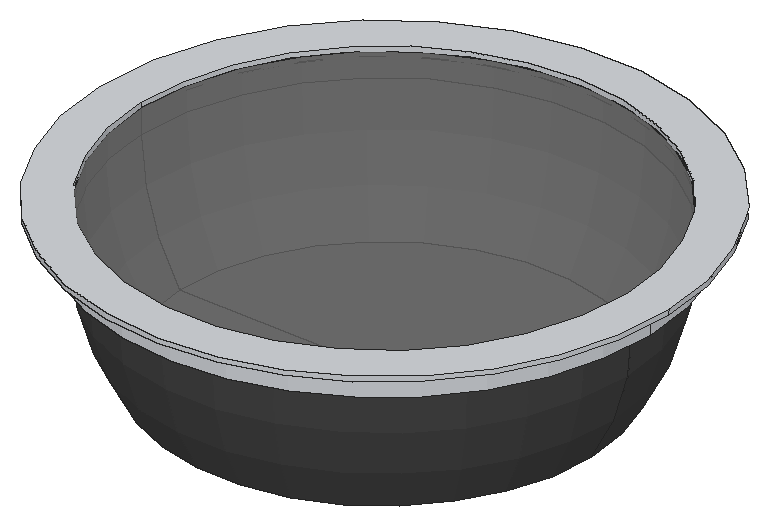
Revit family "3031826 Lighting Fixture_Sylvania_Syl-Lighter II_Ceiling Recessed", category Lighting Fixtures, host Face, Revit 2017
Family settings
  Host = Face
  Round Connector Dimension = Use Diameter
  Part Type = Normal
  OmniClass Number = 23.80.70.11.17
  OmniClass Title = Specialized Lighting by Location or Use
  Cut with Voids When Loaded = No
  Light Source = Yes
  Shared = No
  Room Calculation Point = No
Parameters (values of type "Syl-Lighter LED II 240 RO 25W WW 1-10V")
  Weight = 0.60 kg
  Wattage = 21.8668 W
  built-in parameter 1150110 = 1 (stored number, unit not read)
  Voltage Comments = "UNV (Universal Voltage; 220-240 Volt)"  # constant formula
  Voltage = 240 V  # constant formula
  URL = "http://www.sylvania-lighting.com"
  built-in parameter 1114217 = 1 (stored number, unit not read)
  Tilt Angle = -90.00°  # constant formula
  built-in parameter 1150109 = 1 (stored number, unit not read)
  built-in parameter 1150134 = (empty or 0)
  Ta Rating = "-10°C to +40°C"  # constant formula
  built-in parameter 1150113 = 1 (stored number, unit not read)
  Recessed Depth = Height  # 65.0 mm
  IP Rating = "IP44"  # constant formula
  IK Rating = "IK07"  # constant formula
  Energy Class = "A++, A+, A"  # constant formula
  Dimmable = "DALI"  # constant formula
  Catalog Number = "3031826 Syl-Lighter LED II 240 RO 25W WW 1-10V"
  Body Material = Metal_Sylvania_Syl-Lighter LED II_Silver
  Product Page URL = "http://www.sylvania-lighting.com/product/en-int/products/3031826"
  Product Family = "SYL-LIGHTER LED II"  # constant formula
  Photometry Comments = ""
  Photometric Web File = "3031826_Syl-LighterLEDII240RO25WWW1-10V-187673.ies"
  built-in parameter 1150105 = 1178.1 (stored number, unit not read)
  Lumens = 2071 lm
  built-in parameter 1150115 = 1 (stored number, unit not read)
  built-in parameter 1150137 = (empty or 0)
  built-in parameter 1150139 = (empty or 0)
  Life = "50 000h"  # constant formula
  built-in parameter 1150112 = 1 (stored number, unit not read)
  built-in parameter 1150114 = 1 (stored number, unit not read)
  Lamp Comments = "Integrated LED"
  built-in parameter 1150132 = 2
  built-in parameter 1150102 = (empty or 0)
  built-in parameter 1150107 = 3000 (stored number, unit not read)
  built-in parameter 1150138 = (empty or 0)
  built-in parameter 1150106 = 11.781 (stored number, unit not read)
  Glow Wire Test = 650 °C  # constant formula
  Emit from Circle Diameter = Diffuser Diameter  # 205.0 mm
  Emit Shape Visible in Rendering = no
  built-in parameter 1150104 = 8.7988 (stored number, unit not read)
  Drive Current = "450mA"
  Dimming Lamp Color Temperature Shift = <None>
  Diffuser Radius = Diffuser Diameter / 2  # 102.5 mm
  Diffuser Diameter = Diameter - 20.0 mm  # 205.0 mm
  Inner Diameter = Diameter - 4.0 mm  # 221.0 mm
  Cutout Diameter = Diameter  # 225.0 mm
  Color Filter = 16777215
  Beam Angle = 74.00°
  built-in parameter 1114218 = 1 (stored number, unit not read)
  built-in parameter 1150133 = 10 (stored number, unit not read)
  Height = 65.0 mm
  Electrical Protection = "CLASS II"  # constant formula
  built-in parameter 1114216 [instance] = 1 (stored number, unit not read)
  Model = "Syl-Lighter LED II 240 RO 25W WW 1-10V"
  Manufacturer = "Feilo Sylvania"  # constant formula
  Lamp = "LED"
  Diffuser Material = Polycarbonate_Sylvania_Syl-Lighter LED II_Opal
  Description = "Syl-Lighter LED II is available in 4 different round body sizes: 165mm, 195mm, 220mm & 240mm Syl-Lighter LED II 165 12W delivers a 1,134 lumen output (4,000K) - perfect for 1x26W CFL replacement Syl-Lighter LED II 195 15W delivers a 1,480 lumen output (4,000K) - perfect for 1x32W/2x18W CFL replacement Syl-Lighter LED II 220 21W delivers a 1,989 lumen output (4,000K) - perfect for 1x42W CFL replacement Syl-Lighter LED II 240 25W delivers a 2,289 lumen output (4,000K)- perfect for 2x26W CFL replacement High efficacy up to 99lm/W (Syl-Lighter LED II 195 4,000K) IP44 rating allows for installation in applicable wet zone areas Choice of 3,000K (warm white) or 4,000K (neutral white) Shallow recess depth of <65mm Can replace existing large CFL downlights using a 225mm ceiling cut out (Syl-Lighter LED II 240) Energy efficient electronic gear including analogue 1-10V and DALI dimmable options IK07 polycarbonate diffuser allows for a wider light distribution than a reflector downlight, allowing for increased spacings between luminaires 3 hour emergency pack available (to be ordered in addition to the luminaire) Ideal for applications such as corridors, public WCs and back of house areas Quick and easy to install Loop in-Loop out facility with red push fit terminal block for quick wiring White bezel (RAL 9003) Energy Class: A++, A+, A Long lifetime: 50,000 hours life at L70 (L80: 30,000 hours, L90: 15,000 hours)"  # constant formula
  Default Elevation = 0.0 mm
  built-in parameter 1140040 [instance] = 1
  Assembly Code = "D5020200"
  Apparent Load Comments = ""
  Apparent Load = 25 VA
  Accessory Radius = Accessory Diameter / 2  # 120.0 mm
  Accessory Material = Aluminum_Sylvania_Syl-Lighter LED II_White_RAL 9003
  Diameter = 225.0 mm
  Accessory Diameter = 240.0 mm
Reference planes
  plane 1 "Center (Front/Back)": y = 0
  plane 2: z = 0
  plane 3 "Center (Left/Right)": x = 0
  plane 4 "Fixture Bottom": z = 2
  plane 5: z = -10
  plane 6 "Fixture Top": z = -65
  plane 7: z = -2
Forms (mm)
  Extrusion 1, void
    sketch origin (0, 0, 58) x (-1, 0, 0) y (0, -1, 0)
      loop
        circle (0, 0) r 112.5
    from -171 to -55
  Extrusion 2, solid, detail levels fine
    sketch origin (0, 0, 58) x (-1, 0, 0) y (0, -1, 0)
      loop
        circle (0, 0) r 112.5
      loop
        circle (0, 0) r 110.5
    from -68 to -58
  Extrusion 3, solid, detail levels fine
    sketch origin (0, 0, 58) x (-1, 0, 0) y (0, -1, 0)
      loop
        circle (0, 0) r 120
      loop
        circle (0, 0) r 102.5
    from -58 to -56
  Extrusion 4, solid, material "Polycarbonate_Sylvania_Syl-Lighter LED II_Opal" <- "Diffuser Material", detail levels fine
    sketch origin (0, 0, 58) x (-1, 0, 0) y (0, -1, 0)
      loop
        circle (0, 0) r 102.5
    from -60 to -58
  Revolve 5, solid, material "Metal_Sylvania_Syl-Lighter LED II_Silver" <- "Body Material", detail levels fine
    sketch origin (0, 0, 0) x (1, 0, 0) y (0, 0, 1)
      loop
        line (-102.5, 0) -> (-104.5, 0) -> (-104.5, -10)
        arc (-104.5, -10) -> (-100.153, -38.784) -> (-87.5, -65) r 97.471
        line (-87.5, -65) -> (0, -65) -> (0, -63) -> (-86.437, -63)
        arc (-86.437, -63) -> (-98.396, -37.69) -> (-102.5, -10) r 95.471
        line (-102.5, -10) -> (-102.5, 0)
      axis (0, -65) -> (0, 0)
    angle from 0 to 360
  Revolve 6, solid, material "Aluminum_Sylvania_Syl-Lighter LED II_White_RAL 9003" <- "Accessory Material", detail levels coarse+medium
    sketch origin (0, 0, 0) x (1, 0, 0) y (0, 0, 1)
      loop
        line (-120, 2) -> (-120, 0) -> (-112.5, 0) -> (-112.5, -10) -> (-104.5, -10)
        arc (-104.5, -10) -> (-100.153, -38.784) -> (-87.5, -65) r 97.471
        line (-87.5, -65) -> (0, -65) -> (0, 2) -> (-120, 2)
      axis (0, 2) -> (0, -65)
    angle from 0 to 360
Cuts and joins
  joined: Extrusion 2, Extrusion 3
Lines and regions (mm)
  Masking region 1
    outline origin (0, 0, 58) x (-1, 0, 0) y (0, -1, 0)
      loop
        circle (0, 0) r 120
  symbolic lines, detail levels fine
    curve 1: arc (-102.5, 0, 58) -> (0, 102.5, 58) -> (102.5, 0, 58) r 102.5
    curve 2: arc (102.5, 0, 58) -> (0, -102.5, 58) -> (-102.5, 0, 58) r 102.5
Dimensions and locks
  locked: plane 4 "Fixture Bottom" to plane 2 at 2
  locked: plane 2 to plane 5 at 10
  "Height": plane 2 to plane 6 "Fixture Top"
  locked: plane 2 to plane 7 at 2
  "Diffuser Radius": plane 3 "Center (Left/Right)" to Revolve 5 sketch curve
  locked: Revolve 5 sketch curve to Revolve 5 sketch curve at 2
  locked: Revolve 5 sketch curve to Revolve 5 sketch curve at 15
  "Accessory Radius": plane 3 "Center (Left/Right)" to Revolve 6 sketch curve
  Revolve 6 sketch curve to Revolve 6 sketch curve to Revolve 6 sketch curve to Revolve 6 sketch curve = 7.5 mm locked, 8.0 mm locked, 17.0 mm locked
  "Cutout Diameter": diameter of Extrusion 1 sketch curve
  "Diameter": diameter of Extrusion 2 sketch curve
  "Inner Diameter": diameter of Extrusion 2 sketch curve
  "Accessory Diameter": diameter of Extrusion 3 sketch curve
  "Diffuser Diameter": diameter of Extrusion 3 sketch curve
  "Diffuser Diameter": diameter of Extrusion 4 sketch curve
  "Accessory Diameter": diameter of Masking region 1 sketch curve
  aligned and locked: host face to plane 2
  aligned and locked: host face to level
  aligned and locked: plane 4 "Fixture Bottom" to Extrusion 3
  aligned and locked: Extrusion 3 to plane 2
  aligned and locked: Extrusion 2 to plane 5
  aligned and locked: Extrusion 2 to plane 2
  aligned and locked: Extrusion 4 to plane 7
  aligned and locked: plane 2 to Extrusion 4
  aligned and locked: Revolve 5 sketch curve to plane 2
  aligned and locked: plane 5 to Revolve 5 sketch curve  (x2)
  aligned and locked: Revolve 5 sketch curve to plane 3 "Center (Left/Right)"
  aligned and locked: plane 3 "Center (Left/Right)" to Revolve 5 sketch curve
  aligned and locked: Revolve 6 sketch curve to plane 5
  aligned and locked: Revolve 6 sketch curve to plane 2
  aligned and locked: Revolve 6 sketch curve to plane 4 "Fixture Bottom"
  aligned and locked: plane 3 "Center (Left/Right)" to Revolve 6 sketch curve
  aligned and locked: Revolve 6 sketch curve to plane 3 "Center (Left/Right)"
  aligned and locked: plane 3 "Center (Left/Right)" to imposter light
  aligned and locked: imposter light to plane 1 "Center (Front/Back)"
  aligned and locked: imposter light to plane 4 "Fixture Bottom"
  aligned and locked: curve 1 to cut or joined group of Extrusion 2, Extrusion 3
Automatic sketch dimensions
  host sketch curve to host sketch curve = 700.0 mm
  host sketch curve to host sketch curve = 620.0 mm
  plane 1 "Center (Front/Back)" to Extrusion 1 sketch curve = 0.0 mm
  Extrusion 1 sketch curve to plane 3 "Center (Left/Right)" = 0.0 mm
  Extrusion 2 sketch curve to Extrusion 2 sketch curve = 0.0 mm  (x2)
  plane 1 "Center (Front/Back)" to Extrusion 2 sketch curve = 0.0 mm
  Extrusion 2 sketch curve to plane 3 "Center (Left/Right)" = 0.0 mm
  Extrusion 3 sketch curve to Extrusion 3 sketch curve = 0.0 mm  (x2)
  plane 1 "Center (Front/Back)" to Extrusion 3 sketch curve = 0.0 mm
  Extrusion 3 sketch curve to plane 3 "Center (Left/Right)" = 0.0 mm
  plane 1 "Center (Front/Back)" to Extrusion 4 sketch curve = 0.0 mm
  Extrusion 4 sketch curve to plane 3 "Center (Left/Right)" = 0.0 mm
  Revolve 5 sketch curve to Revolve 5 sketch curve = 0.0 mm
  Revolve 5 sketch curve to plane 6 "Fixture Top" = 0.0 mm
  plane 6 "Fixture Top" to Revolve 5 sketch curve = 2.0 mm
  Revolve 5 sketch curve to plane 6 "Fixture Top" = 17.111 mm
  plane 4 "Fixture Bottom" to Revolve 5 sketch curve = 20.889 mm
  Revolve 6 sketch curve to plane 6 "Fixture Top" = 0.0 mm
  Revolve 6 sketch curve to Revolve 6 sketch curve = 63.885 mm
  Revolve 6 sketch curve to Revolve 6 sketch curve = 84.115 mm
  plane 1 "Center (Front/Back)" to Masking region 1 sketch curve = 0.0 mm
  Masking region 1 sketch curve to plane 3 "Center (Left/Right)" = 0.0 mm
Connectors
  electrical at (0, 0, -65), driven by "Apparent Load", driven by "Voltage"
    settings: on Revolve 5, index 1, voltage 240 V, apparent load 0 VA, apparent load phase1 25 VA, apparent load phase2 0 VA, apparent load phase3 0 VA, power factor 1, load classification "Lighting", number of poles 1, system type 31, power factor state 1, is connector primary yes, connector utility no, sub classification motor no, connector description ""
